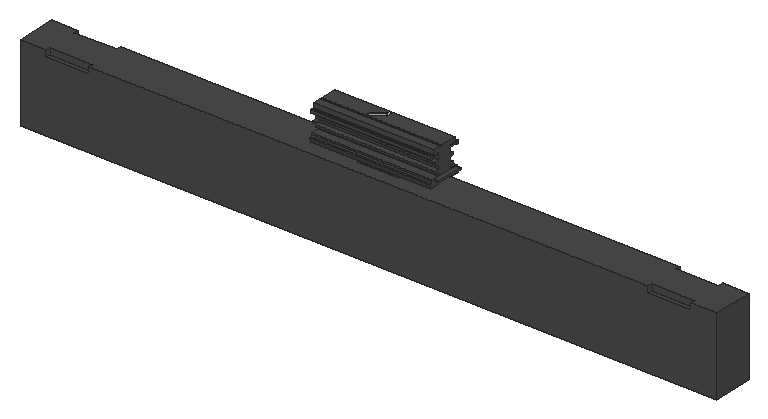
Revit family "DOT SINGLE HEAD RAIL 646_DTM30U6.5.24", category Luminarias, Revit 2019
Family settings
  Cota de conector redondo = Diámetro de uso
  Tipo de pieza = Normal
  Se basa en plano de trabajo = Sí
  Siempre vertical = Sí
  Corte con vacíos al cargar = No
  Origen de luz = Sí
  Compartido = No
  Punto de cálculo de habitación = No
Parameters (values of type "DOT SINGLE HEAD RAIL 646_DTM30U6.5.24")
  Ángulo de inclinación = 60.00°
  Zone [instance] = ""
  Watt per fixture = 30
  Wattage = 30 W
  built-in parameter 1150107 = 2700 (stored number, unit not read)
  built-in parameter 1150110 = 1 (stored number, unit not read)
  built-in parameter 1150109 = 1 (stored number, unit not read)
  built-in parameter 1150112 = 1 (stored number, unit not read)
  built-in parameter 1150113 = 1 (stored number, unit not read)
  built-in parameter 1114218 = 1 (stored number, unit not read)
  Keynote = ""
  built-in parameter 1150137 = (empty or 0)
  built-in parameter 1150132 = (empty or 0)
  Modelo = "DTM30U6.5.24"
  Lámpara = "3030SMD PHILIPS"
  built-in parameter 1150105 = 12002.7 (stored number, unit not read)
  built-in parameter 1150102 = (empty or 0)
  built-in parameter 1150106 = 120.03 (stored number, unit not read)
  Lumens = 2460 lm
  Color Filter = 16777215
  built-in parameter 1114217 = 1 (stored number, unit not read)
  built-in parameter 1150139 = (empty or 0)
  Fabricante = "BRILLANT"
  Default Elevation = 1219.2 mm
  built-in parameter 1150104 = 7.618 (stored number, unit not read)
  Descripción = "LUMINARIA DOWNLIGHT EN FORMATO RECTANGULAR COMPATIBLE CON RIEL DE 6 ENTRADAS Y 3 CIRCUITOS CON CABEZAL PARA PODER DIRIGIR LA LUMINARIA HASTA 30 GRADOS, CUERPO DE ALUMINIO ACABADO EN COLOR NEGRO, IP 20, PESO 1.48Kg, TIPO DE LED 3030SMD PHILIPS CON 30W TOTAL, 2300 LUMENES, 82LM/W, IRC 90, TEMPERATURA EN BLANCO CALIDO 2700K, 50 MIL HORAS DE VIDA PROMEDIO, APERTURA DE 24 GRADOS EN STOCK, ALIMENTADO A 90-240V"
  built-in parameter 1150115 = 1 (stored number, unit not read)
  built-in parameter 1150114 = 1 (stored number, unit not read)
  Comentarios de vataje = "90-240V"
  built-in parameter 1150138 = (empty or 0)
  built-in parameter 1150134 = (empty or 0)
  Circuit [instance] = ""
  Dimming Lamp Color Temperature Shift = (empty or 0)
  Archivo de red fotométrica = "L646A-30W-827-B-24_IESNA95.IES"
  built-in parameter 1150133 = 10 (stored number, unit not read)
Reference planes
  plane 1 "Centro (Frontal/Posterior)": y = 0
  plane 2: z = 0
  plane 3 "Centro (Izquierda/Derecha)": x = 0
Forms (mm)
  Extrusion 1, solid, material "Default Form"
    sketch origin (0, 0, 0) x (1, 0, 0) y (0, 0, 1)
      loop
        line (-323, 0) -> (-323, -72) -> (323, -72) -> (323, 0) -> (-323, 0)
    from -18.326 to 18.326
  Blend 2, void
    base sketch origin (0, 0, 0) x (1, 0, 0) y (0, 1, 0)
      loop
        line (-162, 16.149) -> (-162, -16.149) -> (-144.14, -16.149) -> (-144.14, 16.149) -> (-162, 16.149)
    top sketch origin (0, 0, 0) x (1, 0, 0) y (0, 1, 0)
      loop
        line (-160, 12.149) -> (-160, -12.149) -> (-146.14, -12.149) -> (-146.14, 12.149) -> (-160, 12.149)
    from -72 to -61.591
  Blend 3, void
    base sketch origin (21.86, 0, 0) x (1, 0, 0) y (0, 1, 0)
      loop
        line (-162, 16.149) -> (-162, -16.149) -> (-144.14, -16.149) -> (-144.14, 16.149) -> (-162, 16.149)
    top sketch origin (21.86, 0, 0) x (1, 0, 0) y (0, 1, 0)
      loop
        line (-160, 12.149) -> (-160, -12.149) -> (-146.14, -12.149) -> (-146.14, 12.149) -> (-160, 12.149)
    from -72 to -61.591
  Blend 4, void
    base sketch origin (43.72, 0, 0) x (1, 0, 0) y (0, 1, 0)
      loop
        line (-162, 16.149) -> (-162, -16.149) -> (-144.14, -16.149) -> (-144.14, 16.149) -> (-162, 16.149)
    top sketch origin (43.72, 0, 0) x (1, 0, 0) y (0, 1, 0)
      loop
        line (-160, 12.149) -> (-160, -12.149) -> (-146.14, -12.149) -> (-146.14, 12.149) -> (-160, 12.149)
    from -72 to -61.591
  Blend 5, void
    base sketch origin (65.58, 0, 0) x (1, 0, 0) y (0, 1, 0)
      loop
        line (-162, 16.149) -> (-162, -16.149) -> (-144.14, -16.149) -> (-144.14, 16.149) -> (-162, 16.149)
    top sketch origin (65.58, 0, 0) x (1, 0, 0) y (0, 1, 0)
      loop
        line (-160, 12.149) -> (-160, -12.149) -> (-146.14, -12.149) -> (-146.14, 12.149) -> (-160, 12.149)
    from -72 to -61.591
  Blend 6, void
    base sketch origin (87.44, 0, 0) x (1, 0, 0) y (0, 1, 0)
      loop
        line (-162, 16.149) -> (-162, -16.149) -> (-144.14, -16.149) -> (-144.14, 16.149) -> (-162, 16.149)
    top sketch origin (87.44, 0, 0) x (1, 0, 0) y (0, 1, 0)
      loop
        line (-160, 12.149) -> (-160, -12.149) -> (-146.14, -12.149) -> (-146.14, 12.149) -> (-160, 12.149)
    from -72 to -61.591
  Blend 7, void
    base sketch origin (109.3, 0, 0) x (1, 0, 0) y (0, 1, 0)
      loop
        line (-162, 16.149) -> (-162, -16.149) -> (-144.14, -16.149) -> (-144.14, 16.149) -> (-162, 16.149)
    top sketch origin (109.3, 0, 0) x (1, 0, 0) y (0, 1, 0)
      loop
        line (-160, 12.149) -> (-160, -12.149) -> (-146.14, -12.149) -> (-146.14, 12.149) -> (-160, 12.149)
    from -72 to -61.591
  Blend 8, void
    base sketch origin (131.16, 0, 0) x (1, 0, 0) y (0, 1, 0)
      loop
        line (-162, 16.149) -> (-162, -16.149) -> (-144.14, -16.149) -> (-144.14, 16.149) -> (-162, 16.149)
    top sketch origin (131.16, 0, 0) x (1, 0, 0) y (0, 1, 0)
      loop
        line (-160, 12.149) -> (-160, -12.149) -> (-146.14, -12.149) -> (-146.14, 12.149) -> (-160, 12.149)
    from -72 to -61.591
  Blend 9, void
    base sketch origin (153.02, 0, 0) x (1, 0, 0) y (0, 1, 0)
      loop
        line (-162, 16.149) -> (-162, -16.149) -> (-144.14, -16.149) -> (-144.14, 16.149) -> (-162, 16.149)
    top sketch origin (153.02, 0, 0) x (1, 0, 0) y (0, 1, 0)
      loop
        line (-160, 12.149) -> (-160, -12.149) -> (-146.14, -12.149) -> (-146.14, 12.149) -> (-160, 12.149)
    from -72 to -61.591
  Blend 10, void
    base sketch origin (174.88, 0, 0) x (1, 0, 0) y (0, 1, 0)
      loop
        line (-162, 16.149) -> (-162, -16.149) -> (-144.14, -16.149) -> (-144.14, 16.149) -> (-162, 16.149)
    top sketch origin (174.88, 0, 0) x (1, 0, 0) y (0, 1, 0)
      loop
        line (-160, 12.149) -> (-160, -12.149) -> (-146.14, -12.149) -> (-146.14, 12.149) -> (-160, 12.149)
    from -72 to -61.591
  Blend 11, void
    base sketch origin (196.74, 0, 0) x (1, 0, 0) y (0, 1, 0)
      loop
        line (-162, 16.149) -> (-162, -16.149) -> (-144.14, -16.149) -> (-144.14, 16.149) -> (-162, 16.149)
    top sketch origin (196.74, 0, 0) x (1, 0, 0) y (0, 1, 0)
      loop
        line (-160, 12.149) -> (-160, -12.149) -> (-146.14, -12.149) -> (-146.14, 12.149) -> (-160, 12.149)
    from -72 to -61.591
  Blend 12, void
    base sketch origin (218.6, 0, 0) x (1, 0, 0) y (0, 1, 0)
      loop
        line (-162, 16.149) -> (-162, -16.149) -> (-144.14, -16.149) -> (-144.14, 16.149) -> (-162, 16.149)
    top sketch origin (218.6, 0, 0) x (1, 0, 0) y (0, 1, 0)
      loop
        line (-160, 12.149) -> (-160, -12.149) -> (-146.14, -12.149) -> (-146.14, 12.149) -> (-160, 12.149)
    from -72 to -61.591
  Blend 13, void
    base sketch origin (240.46, 0, 0) x (1, 0, 0) y (0, 1, 0)
      loop
        line (-162, 16.149) -> (-162, -16.149) -> (-144.14, -16.149) -> (-144.14, 16.149) -> (-162, 16.149)
    top sketch origin (240.46, 0, 0) x (1, 0, 0) y (0, 1, 0)
      loop
        line (-160, 12.149) -> (-160, -12.149) -> (-146.14, -12.149) -> (-146.14, 12.149) -> (-160, 12.149)
    from -72 to -61.591
  Blend 14, void
    base sketch origin (262.32, 0, 0) x (1, 0, 0) y (0, 1, 0)
      loop
        line (-162, 16.149) -> (-162, -16.149) -> (-144.14, -16.149) -> (-144.14, 16.149) -> (-162, 16.149)
    top sketch origin (262.32, 0, 0) x (1, 0, 0) y (0, 1, 0)
      loop
        line (-160, 12.149) -> (-160, -12.149) -> (-146.14, -12.149) -> (-146.14, 12.149) -> (-160, 12.149)
    from -72 to -61.591
  Blend 15, void
    base sketch origin (284.18, 0, 0) x (1, 0, 0) y (0, 1, 0)
      loop
        line (-162, 16.149) -> (-162, -16.149) -> (-144.14, -16.149) -> (-144.14, 16.149) -> (-162, 16.149)
    top sketch origin (284.18, 0, 0) x (1, 0, 0) y (0, 1, 0)
      loop
        line (-160, 12.149) -> (-160, -12.149) -> (-146.14, -12.149) -> (-146.14, 12.149) -> (-160, 12.149)
    from -72 to -61.591
  Blend 16, void
    base sketch origin (306.04, 0, 0) x (1, 0, 0) y (0, 1, 0)
      loop
        line (-162, 16.149) -> (-162, -16.149) -> (-144.14, -16.149) -> (-144.14, 16.149) -> (-162, 16.149)
    top sketch origin (306.04, 0, 0) x (1, 0, 0) y (0, 1, 0)
      loop
        line (-160, 12.149) -> (-160, -12.149) -> (-146.14, -12.149) -> (-146.14, 12.149) -> (-160, 12.149)
    from -72 to -61.591
  Extrusion 17, solid, material "Default Form"
    sketch origin (-55.628, 0, 7.5) x (0, 1, 0) y (0, 0, 1)
      loop
        line (-7.273, 1.74) -> (7.273, 1.74) -> (7.273, 0) -> (15.231, 0) -> (17.006, 4.494) -> (15.021, 4.494) -> (14.058, 5.868) -> (14.058, 7.166) -> (6.473, 7.166) -> (6.473, 9.324) -> (10.169, 10.163) -> (10.169, 12.464) -> (6.473, 13.302) -> (6.473, 16.66) -> (10.169, 17.499) -> (10.169, 19.8) -> (6.473, 20.638) -> (6.473, 25.016) -> (13.839, 25.016) -> (14.514, 24.341) -> (15.775, 24.341) -> (15.775, 27.171) -> (14.73, 27.171) -> (14.058, 26.499) -> (6.473, 26.499) -> (6.473, 27.299) -> (12.377, 27.299) -> (12.377, 31.471) -> (-2.744, 31.471) -> (-2.744, 30.671) -> (-5.514, 30.671) -> (-5.514, 31.471) -> (-12.377, 31.471) -> (-12.377, 27.299) -> (-6.473, 27.299) -> (-6.473, 26.499) -> (-14.058, 26.499) -> (-14.73, 27.171) -> (-15.775, 27.171) -> (-15.775, 24.341) -> (-14.514, 24.341) -> (-13.839, 25.016) -> (-6.473, 25.016) -> (-6.473, 20.638) -> (-10.169, 19.8) -> (-10.169, 17.499) -> (-6.473, 16.66) -> (-6.473, 13.302) -> (-10.169, 12.464) -> (-10.169, 10.163) -> (-6.473, 9.324) -> (-6.473, 7.166) -> (-14.058, 7.166) -> (-14.058, 5.868) -> (-15.021, 4.494) -> (-17.006, 4.494) -> (-15.231, 0) -> (-7.273, 0) -> (-7.273, 1.74)
    from 0 to 111.256
  Extrusion 18, solid, material "Default Form"
    sketch origin (0, 0, 0) x (1, 0, 0) y (0, 1, 0)
      loop
        line (-19.12, 6.873) -> (-19.12, -6.873) -> (19.12, -6.873) -> (19.12, 6.873) -> (-19.12, 6.873)
    from 0 to 2.67
  Extrusion 19, solid, material "Default Form"
    sketch origin (0, 0, 0) x (1, 0, 0) y (0, 1, 0)
      loop
        line (-10.93, 3.188) -> (-10.93, -3.188) -> (10.93, -3.188) -> (10.93, 3.188) -> (-10.93, 3.188)
    from 2.67 to 7.5
  Extrusion 20, void
    sketch origin (0, 0, 0) x (1, 0, 0) y (0, 1, 0)
      loop
        line (-259.42, 18.326) -> (-299.14, 18.326) -> (-299.14, 14.276) -> (-259.42, 14.276) -> (-259.42, 18.326)
      loop
        line (-299.14, -18.326) -> (-259.42, -18.326) -> (-259.42, -14.276) -> (-299.14, -14.276) -> (-299.14, -18.326)
      loop
        line (299.14, -18.326) -> (299.14, -14.276) -> (259.42, -14.276) -> (259.42, -18.326) -> (299.14, -18.326)
      loop
        line (299.14, 18.326) -> (259.42, 18.326) -> (259.42, 14.276) -> (299.14, 14.276) -> (299.14, 18.326)
    from -6.015 to 0
  Extrusion 21, solid, material "Acero Inoxidable"
    sketch origin (0, -1.594, 0) x (1, 0, 0) y (0, 0, -1)
      loop
        line (-15, -38.971) -> (3.794, -45.811) -> (4.341, -44.308) -> (3.589, -44.034) -> (3.316, -44.786) -> (-12.661, -38.971) -> (-15, -38.971)
    from 0 to 3.188
  Extrusion 22, solid, material "Default Form"
    sketch origin (0, 0, 0) x (1, 0, 0) y (0, 1, 0)
      loop
        line (-55.628, 6.473) -> (-66.331, 6.473) -> (-66.331, 0) -> (-55.628, 0) -> (-55.628, 6.473)
      loop
        line (55.628, 12.377) -> (55.628, -12.149) -> (60.628, -12.149) -> (60.628, 12.377) -> (55.628, 12.377)
    from 13.368 to 15
  Blend 23, void
    base sketch origin (-87.44, 0, 0) x (1, 0, 0) y (0, 1, 0)
      loop
        line (-162, 16.149) -> (-162, -16.149) -> (-144.14, -16.149) -> (-144.14, 16.149) -> (-162, 16.149)
    top sketch origin (-87.44, 0, 0) x (1, 0, 0) y (0, 1, 0)
      loop
        line (-160, 12.149) -> (-160, -12.149) -> (-146.14, -12.149) -> (-146.14, 12.149) -> (-160, 12.149)
    from -72 to -61.591
  Blend 24, void
    base sketch origin (-65.58, 0, 0) x (1, 0, 0) y (0, 1, 0)
      loop
        line (-162, 16.149) -> (-162, -16.149) -> (-144.14, -16.149) -> (-144.14, 16.149) -> (-162, 16.149)
    top sketch origin (-65.58, 0, 0) x (1, 0, 0) y (0, 1, 0)
      loop
        line (-160, 12.149) -> (-160, -12.149) -> (-146.14, -12.149) -> (-146.14, 12.149) -> (-160, 12.149)
    from -72 to -61.591
  Blend 25, void
    base sketch origin (-43.72, 0, 0) x (1, 0, 0) y (0, 1, 0)
      loop
        line (-162, 16.149) -> (-162, -16.149) -> (-144.14, -16.149) -> (-144.14, 16.149) -> (-162, 16.149)
    top sketch origin (-43.72, 0, 0) x (1, 0, 0) y (0, 1, 0)
      loop
        line (-160, 12.149) -> (-160, -12.149) -> (-146.14, -12.149) -> (-146.14, 12.149) -> (-160, 12.149)
    from -72 to -61.591
  Blend 26, void
    base sketch origin (-21.86, 0, 0) x (1, 0, 0) y (0, 1, 0)
      loop
        line (-162, 16.149) -> (-162, -16.149) -> (-144.14, -16.149) -> (-144.14, 16.149) -> (-162, 16.149)
    top sketch origin (-21.86, 0, 0) x (1, 0, 0) y (0, 1, 0)
      loop
        line (-160, 12.149) -> (-160, -12.149) -> (-146.14, -12.149) -> (-146.14, 12.149) -> (-160, 12.149)
    from -72 to -61.591
  Blend 27, void
    base sketch origin (-109.3, 0, 0) x (1, 0, 0) y (0, 1, 0)
      loop
        line (-162, 16.149) -> (-162, -16.149) -> (-144.14, -16.149) -> (-144.14, 16.149) -> (-162, 16.149)
    top sketch origin (-109.3, 0, 0) x (1, 0, 0) y (0, 1, 0)
      loop
        line (-160, 12.149) -> (-160, -12.149) -> (-146.14, -12.149) -> (-146.14, 12.149) -> (-160, 12.149)
    from -72 to -61.591
  Blend 28, void
    base sketch origin (327.9, 0, 0) x (1, 0, 0) y (0, 1, 0)
      loop
        line (-162, 16.149) -> (-162, -16.149) -> (-144.14, -16.149) -> (-144.14, 16.149) -> (-162, 16.149)
    top sketch origin (327.9, 0, 0) x (1, 0, 0) y (0, 1, 0)
      loop
        line (-160, 12.149) -> (-160, -12.149) -> (-146.14, -12.149) -> (-146.14, 12.149) -> (-160, 12.149)
    from -72 to -61.591
  Blend 29, void
    base sketch origin (349.76, 0, 0) x (1, 0, 0) y (0, 1, 0)
      loop
        line (-162, 16.149) -> (-162, -16.149) -> (-144.14, -16.149) -> (-144.14, 16.149) -> (-162, 16.149)
    top sketch origin (349.76, 0, 0) x (1, 0, 0) y (0, 1, 0)
      loop
        line (-160, 12.149) -> (-160, -12.149) -> (-146.14, -12.149) -> (-146.14, 12.149) -> (-160, 12.149)
    from -72 to -61.591
  Blend 30, void
    base sketch origin (371.62, 0, 0) x (1, 0, 0) y (0, 1, 0)
      loop
        line (-162, 16.149) -> (-162, -16.149) -> (-144.14, -16.149) -> (-144.14, 16.149) -> (-162, 16.149)
    top sketch origin (371.62, 0, 0) x (1, 0, 0) y (0, 1, 0)
      loop
        line (-160, 12.149) -> (-160, -12.149) -> (-146.14, -12.149) -> (-146.14, 12.149) -> (-160, 12.149)
    from -72 to -61.591
  Blend 31, void
    base sketch origin (393.48, 0, 0) x (1, 0, 0) y (0, 1, 0)
      loop
        line (-162, 16.149) -> (-162, -16.149) -> (-144.14, -16.149) -> (-144.14, 16.149) -> (-162, 16.149)
    top sketch origin (393.48, 0, 0) x (1, 0, 0) y (0, 1, 0)
      loop
        line (-160, 12.149) -> (-160, -12.149) -> (-146.14, -12.149) -> (-146.14, 12.149) -> (-160, 12.149)
    from -72 to -61.591
  Blend 32, void
    base sketch origin (415.34, 0, 0) x (1, 0, 0) y (0, 1, 0)
      loop
        line (-162, 16.149) -> (-162, -16.149) -> (-144.14, -16.149) -> (-144.14, 16.149) -> (-162, 16.149)
    top sketch origin (415.34, 0, 0) x (1, 0, 0) y (0, 1, 0)
      loop
        line (-160, 12.149) -> (-160, -12.149) -> (-146.14, -12.149) -> (-146.14, 12.149) -> (-160, 12.149)
    from -72 to -61.591
Cuts and joins
  Blend 2, Blend 3, Blend 4, Blend 5, Blend 6, Blend 7, Blend 8, Blend 9, Blend 10, Blend 11, Blend 12, Blend 13, Blend 14, Blend 15, Blend 16, Extrusion 20, Blend 23, Blend 24, Blend 25, Blend 26, Blend 27, Blend 28, Blend 29, Blend 30, Blend 31, Blend 32 cuts Extrusion 1
Dimensions and locks
  equal spacing: Extrusion 1, plane 1 "Centro (Frontal/Posterior)", Extrusion 1
  Extrusion 1 to plane 1 "Centro (Frontal/Posterior)" = 18.326 mm
  Extrusion 1 to Extrusion 1 = 36.651 mm
  Extrusion 1 to Extrusion 1 = 72 mm
  Extrusion 1 to Extrusion 1 = 646 mm
  cut or joined group 1 (Extrusion 1, Blend 2, Blend 3, Blend 4, Blend 5, Blend 6, Blend 7, Blend 8, Blend 9, Blend 10, Blend 11, Blend 12, Blend 13, Blend 14, Blend 15, Blend 16, Extrusion 20, Blend 23, Blend 24, Blend 25, Blend 26, Blend 27, Blend 28, Blend 29, Blend 30, Blend 31, Blend 32) to cut or joined group 1 = 72 mm
  cut or joined group 1 to cut or joined group 1 = 36.651 mm
  cut or joined group 1 to cut or joined group 1 = 646 mm
  equal spacing: cut or joined group 1, plane 1 "Centro (Frontal/Posterior)", cut or joined group 1
  cut or joined group 1 to cut or joined group 1 = 23.86 mm  (x2)
  aligned and locked: level to plane 2
  aligned and locked: Extrusion 19 to Extrusion 17
  aligned and locked: Extrusion 19 to Extrusion 18
Automatic sketch dimensions
  Extrusion 1 sketch curve to level = 0 mm
  Extrusion 1 sketch curve to level = 72 mm
  Extrusion 1 sketch curve to plane 3 "Centro (Izquierda/Derecha)" = 323 mm
  plane 3 "Centro (Izquierda/Derecha)" to Extrusion 1 sketch curve = 323 mm
  Blend 2 sketch curve to plane 1 "Centro (Frontal/Posterior)" = 16.149 mm
  Blend 2 sketch curve to plane 3 "Centro (Izquierda/Derecha)" = 162 mm
  Blend 2 sketch curve to Blend 2 sketch curve = 17.86 mm
  plane 1 "Centro (Frontal/Posterior)" to Blend 2 sketch curve = 16.149 mm
  Blend 2 sketch curve to plane 1 "Centro (Frontal/Posterior)" = 12.149 mm
  Blend 2 sketch curve to plane 3 "Centro (Izquierda/Derecha)" = 160 mm
  Blend 2 sketch curve to Blend 2 sketch curve = 13.86 mm
  plane 1 "Centro (Frontal/Posterior)" to Blend 2 sketch curve = 12.149 mm
  Blend 3 sketch curve to plane 1 "Centro (Frontal/Posterior)" = 16.149 mm
  Blend 3 sketch curve to plane 3 "Centro (Izquierda/Derecha)" = 140.14 mm
  Blend 3 sketch curve to Blend 3 sketch curve = 17.86 mm
  plane 1 "Centro (Frontal/Posterior)" to Blend 3 sketch curve = 16.149 mm
  Blend 3 sketch curve to plane 1 "Centro (Frontal/Posterior)" = 12.149 mm
  Blend 3 sketch curve to plane 3 "Centro (Izquierda/Derecha)" = 138.14 mm
  Blend 3 sketch curve to Blend 3 sketch curve = 13.86 mm
  plane 1 "Centro (Frontal/Posterior)" to Blend 3 sketch curve = 12.149 mm
  Blend 4 sketch curve to plane 1 "Centro (Frontal/Posterior)" = 16.149 mm
  Blend 4 sketch curve to plane 3 "Centro (Izquierda/Derecha)" = 118.28 mm
  Blend 4 sketch curve to Blend 4 sketch curve = 17.86 mm
  plane 1 "Centro (Frontal/Posterior)" to Blend 4 sketch curve = 16.149 mm
  Blend 4 sketch curve to plane 1 "Centro (Frontal/Posterior)" = 12.149 mm
  Blend 4 sketch curve to plane 3 "Centro (Izquierda/Derecha)" = 116.28 mm
  Blend 4 sketch curve to Blend 4 sketch curve = 13.86 mm
  plane 1 "Centro (Frontal/Posterior)" to Blend 4 sketch curve = 12.149 mm
  Blend 5 sketch curve to plane 1 "Centro (Frontal/Posterior)" = 16.149 mm
  Blend 5 sketch curve to plane 3 "Centro (Izquierda/Derecha)" = 96.42 mm
  Blend 5 sketch curve to Blend 5 sketch curve = 17.86 mm
  plane 1 "Centro (Frontal/Posterior)" to Blend 5 sketch curve = 16.149 mm
  Blend 5 sketch curve to plane 1 "Centro (Frontal/Posterior)" = 12.149 mm
  Blend 5 sketch curve to plane 3 "Centro (Izquierda/Derecha)" = 94.42 mm
  Blend 5 sketch curve to Blend 5 sketch curve = 13.86 mm
  plane 1 "Centro (Frontal/Posterior)" to Blend 5 sketch curve = 12.149 mm
  Blend 6 sketch curve to plane 1 "Centro (Frontal/Posterior)" = 16.149 mm
  Blend 6 sketch curve to plane 3 "Centro (Izquierda/Derecha)" = 74.56 mm
  Blend 6 sketch curve to Blend 6 sketch curve = 17.86 mm
  plane 1 "Centro (Frontal/Posterior)" to Blend 6 sketch curve = 16.149 mm
  Blend 6 sketch curve to plane 1 "Centro (Frontal/Posterior)" = 12.149 mm
  Blend 6 sketch curve to plane 3 "Centro (Izquierda/Derecha)" = 72.56 mm
  Blend 6 sketch curve to Blend 6 sketch curve = 13.86 mm
  plane 1 "Centro (Frontal/Posterior)" to Blend 6 sketch curve = 12.149 mm
  Blend 7 sketch curve to plane 1 "Centro (Frontal/Posterior)" = 16.149 mm
  Blend 7 sketch curve to plane 3 "Centro (Izquierda/Derecha)" = 52.7 mm
  Blend 7 sketch curve to Blend 7 sketch curve = 17.86 mm
  plane 1 "Centro (Frontal/Posterior)" to Blend 7 sketch curve = 16.149 mm
  Blend 7 sketch curve to plane 1 "Centro (Frontal/Posterior)" = 12.149 mm
  Blend 7 sketch curve to plane 3 "Centro (Izquierda/Derecha)" = 50.7 mm
  Blend 7 sketch curve to Blend 7 sketch curve = 13.86 mm
  plane 1 "Centro (Frontal/Posterior)" to Blend 7 sketch curve = 12.149 mm
  Blend 8 sketch curve to plane 3 "Centro (Izquierda/Derecha)" = 30.84 mm
  Blend 8 sketch curve to plane 3 "Centro (Izquierda/Derecha)" = 12.98 mm
  plane 1 "Centro (Frontal/Posterior)" to Blend 8 sketch curve = 16.149 mm
  Blend 8 sketch curve to plane 1 "Centro (Frontal/Posterior)" = 16.149 mm
  Blend 8 sketch curve to plane 1 "Centro (Frontal/Posterior)" = 12.149 mm
  Blend 8 sketch curve to plane 3 "Centro (Izquierda/Derecha)" = 28.84 mm
  Blend 8 sketch curve to Blend 8 sketch curve = 13.86 mm
  plane 1 "Centro (Frontal/Posterior)" to Blend 8 sketch curve = 12.149 mm
  Blend 9 sketch curve to plane 3 "Centro (Izquierda/Derecha)" = 8.98 mm
  plane 3 "Centro (Izquierda/Derecha)" to Blend 9 sketch curve = 8.88 mm
  plane 1 "Centro (Frontal/Posterior)" to Blend 9 sketch curve = 16.149 mm
  Blend 9 sketch curve to plane 1 "Centro (Frontal/Posterior)" = 16.149 mm
  Blend 9 sketch curve to plane 3 "Centro (Izquierda/Derecha)" = 6.98 mm
  plane 3 "Centro (Izquierda/Derecha)" to Blend 9 sketch curve = 6.88 mm
  plane 1 "Centro (Frontal/Posterior)" to Blend 9 sketch curve = 12.149 mm
  Blend 9 sketch curve to plane 1 "Centro (Frontal/Posterior)" = 12.149 mm
  plane 3 "Centro (Izquierda/Derecha)" to Blend 10 sketch curve = 12.88 mm
  Blend 10 sketch curve to Blend 10 sketch curve = 17.86 mm
  plane 1 "Centro (Frontal/Posterior)" to Blend 10 sketch curve = 16.149 mm
  Blend 10 sketch curve to plane 1 "Centro (Frontal/Posterior)" = 16.149 mm
  plane 3 "Centro (Izquierda/Derecha)" to Blend 10 sketch curve = 14.88 mm
  Blend 10 sketch curve to Blend 10 sketch curve = 13.86 mm
  plane 1 "Centro (Frontal/Posterior)" to Blend 10 sketch curve = 12.149 mm
  Blend 10 sketch curve to plane 1 "Centro (Frontal/Posterior)" = 12.149 mm
  Blend 11 sketch curve to plane 1 "Centro (Frontal/Posterior)" = 16.149 mm
  plane 3 "Centro (Izquierda/Derecha)" to Blend 11 sketch curve = 34.74 mm
  Blend 11 sketch curve to Blend 11 sketch curve = 17.86 mm
  plane 1 "Centro (Frontal/Posterior)" to Blend 11 sketch curve = 16.149 mm
  Blend 11 sketch curve to plane 1 "Centro (Frontal/Posterior)" = 12.149 mm
  plane 3 "Centro (Izquierda/Derecha)" to Blend 11 sketch curve = 36.74 mm
  Blend 11 sketch curve to Blend 11 sketch curve = 13.86 mm
  plane 1 "Centro (Frontal/Posterior)" to Blend 11 sketch curve = 12.149 mm
  Blend 12 sketch curve to plane 1 "Centro (Frontal/Posterior)" = 16.149 mm
  plane 3 "Centro (Izquierda/Derecha)" to Blend 12 sketch curve = 56.6 mm
  Blend 12 sketch curve to Blend 12 sketch curve = 17.86 mm
  plane 1 "Centro (Frontal/Posterior)" to Blend 12 sketch curve = 16.149 mm
  Blend 12 sketch curve to plane 1 "Centro (Frontal/Posterior)" = 12.149 mm
  plane 3 "Centro (Izquierda/Derecha)" to Blend 12 sketch curve = 58.6 mm
  Blend 12 sketch curve to Blend 12 sketch curve = 13.86 mm
  plane 1 "Centro (Frontal/Posterior)" to Blend 12 sketch curve = 12.149 mm
  Blend 13 sketch curve to plane 1 "Centro (Frontal/Posterior)" = 16.149 mm
  plane 3 "Centro (Izquierda/Derecha)" to Blend 13 sketch curve = 78.46 mm
  Blend 13 sketch curve to Blend 13 sketch curve = 17.86 mm
  plane 1 "Centro (Frontal/Posterior)" to Blend 13 sketch curve = 16.149 mm
  Blend 13 sketch curve to plane 1 "Centro (Frontal/Posterior)" = 12.149 mm
  plane 3 "Centro (Izquierda/Derecha)" to Blend 13 sketch curve = 80.46 mm
  Blend 13 sketch curve to Blend 13 sketch curve = 13.86 mm
  plane 1 "Centro (Frontal/Posterior)" to Blend 13 sketch curve = 12.149 mm
  Blend 14 sketch curve to plane 1 "Centro (Frontal/Posterior)" = 16.149 mm
  plane 3 "Centro (Izquierda/Derecha)" to Blend 14 sketch curve = 100.32 mm
  Blend 14 sketch curve to Blend 14 sketch curve = 17.86 mm
  plane 1 "Centro (Frontal/Posterior)" to Blend 14 sketch curve = 16.149 mm
  Blend 14 sketch curve to plane 1 "Centro (Frontal/Posterior)" = 12.149 mm
  plane 3 "Centro (Izquierda/Derecha)" to Blend 14 sketch curve = 102.32 mm
  Blend 14 sketch curve to Blend 14 sketch curve = 13.86 mm
  plane 1 "Centro (Frontal/Posterior)" to Blend 14 sketch curve = 12.149 mm
  Blend 15 sketch curve to plane 1 "Centro (Frontal/Posterior)" = 16.149 mm
  plane 3 "Centro (Izquierda/Derecha)" to Blend 15 sketch curve = 122.18 mm
  Blend 15 sketch curve to Blend 15 sketch curve = 17.86 mm
  plane 1 "Centro (Frontal/Posterior)" to Blend 15 sketch curve = 16.149 mm
  Blend 15 sketch curve to plane 1 "Centro (Frontal/Posterior)" = 12.149 mm
  plane 3 "Centro (Izquierda/Derecha)" to Blend 15 sketch curve = 124.18 mm
  Blend 15 sketch curve to Blend 15 sketch curve = 13.86 mm
  plane 1 "Centro (Frontal/Posterior)" to Blend 15 sketch curve = 12.149 mm
  Blend 16 sketch curve to plane 1 "Centro (Frontal/Posterior)" = 16.149 mm
  plane 3 "Centro (Izquierda/Derecha)" to Blend 16 sketch curve = 144.04 mm
  Blend 16 sketch curve to Blend 16 sketch curve = 17.86 mm
  plane 1 "Centro (Frontal/Posterior)" to Blend 16 sketch curve = 16.149 mm
  Blend 16 sketch curve to plane 1 "Centro (Frontal/Posterior)" = 12.149 mm
  plane 3 "Centro (Izquierda/Derecha)" to Blend 16 sketch curve = 146.04 mm
  Blend 16 sketch curve to Blend 16 sketch curve = 13.86 mm
  plane 1 "Centro (Frontal/Posterior)" to Blend 16 sketch curve = 12.149 mm
  plane 1 "Centro (Frontal/Posterior)" to Extrusion 17 sketch curve = 17.006 mm
  plane 1 "Centro (Frontal/Posterior)" to Extrusion 17 sketch curve = 15.775 mm
  level to Extrusion 17 sketch curve = 7.5 mm  (x2)
  Extrusion 17 sketch curve to Extrusion 17 sketch curve = 1.775 mm
  Extrusion 17 sketch curve to Extrusion 17 sketch curve = 1.985 mm  (x2)
  Extrusion 17 sketch curve to Extrusion 17 sketch curve = 1.045 mm
  Extrusion 17 sketch curve to Extrusion 17 sketch curve = 1.261 mm  (x2)
  Extrusion 17 sketch curve to Extrusion 17 sketch curve = 0.963 mm  (x2)
  Extrusion 17 sketch curve to Extrusion 17 sketch curve = 0.672 mm  (x4)
  Extrusion 17 sketch curve to Extrusion 17 sketch curve = 0.675 mm  (x3)
  Extrusion 17 sketch curve to Extrusion 17 sketch curve = 2.354 mm
  Extrusion 17 sketch curve to Extrusion 17 sketch curve = 4.345 mm
  Extrusion 17 sketch curve to Extrusion 17 sketch curve = 3.89 mm  (x2)
  plane 1 "Centro (Frontal/Posterior)" to Extrusion 17 sketch curve = 7.273 mm
  Extrusion 17 sketch curve to Extrusion 17 sketch curve = 3.696 mm  (x4)
  Extrusion 17 sketch curve to Extrusion 17 sketch curve = 5.904 mm  (x2)
  Extrusion 17 sketch curve to Extrusion 17 sketch curve = 0 mm  (x3)
  Extrusion 17 sketch curve to Extrusion 17 sketch curve = 0.959 mm
  plane 1 "Centro (Frontal/Posterior)" to Extrusion 17 sketch curve = 2.744 mm
  Extrusion 17 sketch curve to plane 1 "Centro (Frontal/Posterior)" = 6.473 mm  (x2)
  Extrusion 17 sketch curve to Extrusion 17 sketch curve = 0.8 mm  (x3)
  Extrusion 17 sketch curve to Extrusion 17 sketch curve = 1.462 mm
  Extrusion 17 sketch curve to Extrusion 17 sketch curve = 0.22 mm
  Extrusion 17 sketch curve to Extrusion 17 sketch curve = 0.21 mm
  Extrusion 17 sketch curve to Extrusion 17 sketch curve = 1.74 mm
  Extrusion 17 sketch curve to Extrusion 17 sketch curve = 4.494 mm  (x2)
  Extrusion 17 sketch curve to Extrusion 17 sketch curve = 1.375 mm  (x2)
  Extrusion 17 sketch curve to Extrusion 17 sketch curve = 5.426 mm  (x2)
  Extrusion 17 sketch curve to Extrusion 17 sketch curve = 2.158 mm  (x2)
  Extrusion 17 sketch curve to Extrusion 17 sketch curve = 0.839 mm  (x8)
  Extrusion 17 sketch curve to Extrusion 17 sketch curve = 2.301 mm  (x4)
  Extrusion 17 sketch curve to Extrusion 17 sketch curve = 3.358 mm  (x2)
  Extrusion 17 sketch curve to Extrusion 17 sketch curve = 4.541 mm  (x2)
  Extrusion 17 sketch curve to Extrusion 17 sketch curve = 4.378 mm
  Extrusion 17 sketch curve to Extrusion 17 sketch curve = 1.483 mm  (x2)
  Extrusion 17 sketch curve to Extrusion 17 sketch curve = 3.372 mm
  Extrusion 17 sketch curve to Extrusion 17 sketch curve = 4.172 mm  (x2)
  plane 1 "Centro (Frontal/Posterior)" to Extrusion 18 sketch curve = 6.873 mm
  Extrusion 18 sketch curve to plane 3 "Centro (Izquierda/Derecha)" = 19.12 mm
  plane 3 "Centro (Izquierda/Derecha)" to Extrusion 18 sketch curve = 19.12 mm
  Extrusion 18 sketch curve to plane 1 "Centro (Frontal/Posterior)" = 6.873 mm
  plane 1 "Centro (Frontal/Posterior)" to Extrusion 19 sketch curve = 3.188 mm
  Extrusion 19 sketch curve to plane 3 "Centro (Izquierda/Derecha)" = 10.93 mm
  plane 3 "Centro (Izquierda/Derecha)" to Extrusion 19 sketch curve = 10.93 mm
  Extrusion 19 sketch curve to plane 1 "Centro (Frontal/Posterior)" = 3.188 mm
  plane 1 "Centro (Frontal/Posterior)" to Extrusion 20 sketch curve = 18.326 mm
  Extrusion 20 sketch curve to plane 3 "Centro (Izquierda/Derecha)" = 299.14 mm
  Extrusion 20 sketch curve to Extrusion 20 sketch curve = 0 mm  (x4)
  Extrusion 20 sketch curve to Extrusion 20 sketch curve = 39.72 mm  (x2)
  plane 1 "Centro (Frontal/Posterior)" to Extrusion 20 sketch curve = 14.276 mm
  plane 3 "Centro (Izquierda/Derecha)" to Extrusion 20 sketch curve = 259.42 mm
  Extrusion 20 sketch curve to plane 1 "Centro (Frontal/Posterior)" = 18.326 mm
  Extrusion 20 sketch curve to Extrusion 20 sketch curve = 4.049 mm  (x4)
  Extrusion 20 sketch curve to plane 1 "Centro (Frontal/Posterior)" = 14.276 mm
  Extrusion 21 sketch curve to plane 3 "Centro (Izquierda/Derecha)" = 15 mm
  Extrusion 21 sketch curve to Extrusion 21 sketch curve = 2.339 mm
  plane 3 "Centro (Izquierda/Derecha)" to Extrusion 21 sketch curve = 3.316 mm
  Extrusion 21 sketch curve to Extrusion 21 sketch curve = 0.274 mm
  Extrusion 21 sketch curve to Extrusion 21 sketch curve = 0.478 mm
  Extrusion 21 sketch curve to Extrusion 21 sketch curve = 0.752 mm
  level to Extrusion 21 sketch curve = 45.811 mm
  plane 1 "Centro (Frontal/Posterior)" to Extrusion 22 sketch curve = 0 mm
  Extrusion 22 sketch curve to plane 1 "Centro (Frontal/Posterior)" = 6.473 mm
  Extrusion 22 sketch curve to plane 3 "Centro (Izquierda/Derecha)" = 66.331 mm
  Extrusion 22 sketch curve to Extrusion 22 sketch curve = 10.703 mm
  Extrusion 22 sketch curve to plane 1 "Centro (Frontal/Posterior)" = 12.377 mm
  plane 3 "Centro (Izquierda/Derecha)" to Extrusion 22 sketch curve = 55.628 mm
  Extrusion 22 sketch curve to Extrusion 22 sketch curve = 5 mm
  plane 1 "Centro (Frontal/Posterior)" to Extrusion 22 sketch curve = 12.149 mm
  Blend 23 sketch curve to plane 1 "Centro (Frontal/Posterior)" = 16.149 mm
  Blend 23 sketch curve to plane 3 "Centro (Izquierda/Derecha)" = 249.44 mm
  Blend 23 sketch curve to Blend 23 sketch curve = 17.86 mm
  plane 1 "Centro (Frontal/Posterior)" to Blend 23 sketch curve = 16.149 mm
  Blend 23 sketch curve to plane 1 "Centro (Frontal/Posterior)" = 12.149 mm
  Blend 23 sketch curve to plane 3 "Centro (Izquierda/Derecha)" = 247.44 mm
  Blend 23 sketch curve to Blend 23 sketch curve = 13.86 mm
  plane 1 "Centro (Frontal/Posterior)" to Blend 23 sketch curve = 12.149 mm
  Blend 24 sketch curve to plane 1 "Centro (Frontal/Posterior)" = 16.149 mm
  Blend 24 sketch curve to plane 3 "Centro (Izquierda/Derecha)" = 227.58 mm
  Blend 24 sketch curve to Blend 24 sketch curve = 17.86 mm
  plane 1 "Centro (Frontal/Posterior)" to Blend 24 sketch curve = 16.149 mm
  Blend 24 sketch curve to plane 1 "Centro (Frontal/Posterior)" = 12.149 mm
  Blend 24 sketch curve to plane 3 "Centro (Izquierda/Derecha)" = 225.58 mm
  Blend 24 sketch curve to Blend 24 sketch curve = 13.86 mm
  plane 1 "Centro (Frontal/Posterior)" to Blend 24 sketch curve = 12.149 mm
  Blend 25 sketch curve to plane 1 "Centro (Frontal/Posterior)" = 16.149 mm
  Blend 25 sketch curve to plane 3 "Centro (Izquierda/Derecha)" = 205.72 mm
  Blend 25 sketch curve to Blend 25 sketch curve = 17.86 mm
  plane 1 "Centro (Frontal/Posterior)" to Blend 25 sketch curve = 16.149 mm
  Blend 25 sketch curve to plane 1 "Centro (Frontal/Posterior)" = 12.149 mm
  Blend 25 sketch curve to plane 3 "Centro (Izquierda/Derecha)" = 203.72 mm
  Blend 25 sketch curve to Blend 25 sketch curve = 13.86 mm
  plane 1 "Centro (Frontal/Posterior)" to Blend 25 sketch curve = 12.149 mm
  Blend 26 sketch curve to plane 1 "Centro (Frontal/Posterior)" = 16.149 mm
  Blend 26 sketch curve to plane 3 "Centro (Izquierda/Derecha)" = 183.86 mm
  Blend 26 sketch curve to Blend 26 sketch curve = 17.86 mm
  plane 1 "Centro (Frontal/Posterior)" to Blend 26 sketch curve = 16.149 mm
  Blend 26 sketch curve to plane 1 "Centro (Frontal/Posterior)" = 12.149 mm
  Blend 26 sketch curve to plane 3 "Centro (Izquierda/Derecha)" = 181.86 mm
  Blend 26 sketch curve to Blend 26 sketch curve = 13.86 mm
  plane 1 "Centro (Frontal/Posterior)" to Blend 26 sketch curve = 12.149 mm
  Blend 27 sketch curve to plane 1 "Centro (Frontal/Posterior)" = 16.149 mm
  Blend 27 sketch curve to plane 3 "Centro (Izquierda/Derecha)" = 271.3 mm
  Blend 27 sketch curve to Blend 27 sketch curve = 17.86 mm
  plane 1 "Centro (Frontal/Posterior)" to Blend 27 sketch curve = 16.149 mm
  Blend 27 sketch curve to plane 1 "Centro (Frontal/Posterior)" = 12.149 mm
  Blend 27 sketch curve to plane 3 "Centro (Izquierda/Derecha)" = 269.3 mm
  Blend 27 sketch curve to Blend 27 sketch curve = 13.86 mm
  plane 1 "Centro (Frontal/Posterior)" to Blend 27 sketch curve = 12.149 mm
  Blend 28 sketch curve to plane 1 "Centro (Frontal/Posterior)" = 16.149 mm
  plane 3 "Centro (Izquierda/Derecha)" to Blend 28 sketch curve = 165.9 mm
  Blend 28 sketch curve to Blend 28 sketch curve = 17.86 mm
  plane 1 "Centro (Frontal/Posterior)" to Blend 28 sketch curve = 16.149 mm
  Blend 28 sketch curve to plane 1 "Centro (Frontal/Posterior)" = 12.149 mm
  plane 3 "Centro (Izquierda/Derecha)" to Blend 28 sketch curve = 167.9 mm
  Blend 28 sketch curve to Blend 28 sketch curve = 13.86 mm
  plane 1 "Centro (Frontal/Posterior)" to Blend 28 sketch curve = 12.149 mm
  Blend 29 sketch curve to plane 1 "Centro (Frontal/Posterior)" = 16.149 mm
  plane 3 "Centro (Izquierda/Derecha)" to Blend 29 sketch curve = 187.76 mm
  Blend 29 sketch curve to Blend 29 sketch curve = 17.86 mm
  plane 1 "Centro (Frontal/Posterior)" to Blend 29 sketch curve = 16.149 mm
  Blend 29 sketch curve to plane 1 "Centro (Frontal/Posterior)" = 12.149 mm
  plane 3 "Centro (Izquierda/Derecha)" to Blend 29 sketch curve = 189.76 mm
  Blend 29 sketch curve to Blend 29 sketch curve = 13.86 mm
  plane 1 "Centro (Frontal/Posterior)" to Blend 29 sketch curve = 12.149 mm
  Blend 30 sketch curve to plane 1 "Centro (Frontal/Posterior)" = 16.149 mm
  plane 3 "Centro (Izquierda/Derecha)" to Blend 30 sketch curve = 209.62 mm
  Blend 30 sketch curve to Blend 30 sketch curve = 17.86 mm
  plane 1 "Centro (Frontal/Posterior)" to Blend 30 sketch curve = 16.149 mm
  Blend 30 sketch curve to plane 1 "Centro (Frontal/Posterior)" = 12.149 mm
  plane 3 "Centro (Izquierda/Derecha)" to Blend 30 sketch curve = 211.62 mm
  Blend 30 sketch curve to Blend 30 sketch curve = 13.86 mm
  plane 1 "Centro (Frontal/Posterior)" to Blend 30 sketch curve = 12.149 mm
  Blend 31 sketch curve to plane 1 "Centro (Frontal/Posterior)" = 16.149 mm
  plane 3 "Centro (Izquierda/Derecha)" to Blend 31 sketch curve = 231.48 mm
  Blend 31 sketch curve to Blend 31 sketch curve = 17.86 mm
  plane 1 "Centro (Frontal/Posterior)" to Blend 31 sketch curve = 16.149 mm
  Blend 31 sketch curve to plane 1 "Centro (Frontal/Posterior)" = 12.149 mm
  plane 3 "Centro (Izquierda/Derecha)" to Blend 31 sketch curve = 233.48 mm
  Blend 31 sketch curve to Blend 31 sketch curve = 13.86 mm
  plane 1 "Centro (Frontal/Posterior)" to Blend 31 sketch curve = 12.149 mm
  Blend 32 sketch curve to plane 1 "Centro (Frontal/Posterior)" = 16.149 mm
  plane 3 "Centro (Izquierda/Derecha)" to Blend 32 sketch curve = 253.34 mm
  Blend 32 sketch curve to Blend 32 sketch curve = 17.86 mm
  plane 1 "Centro (Frontal/Posterior)" to Blend 32 sketch curve = 16.149 mm
  Blend 32 sketch curve to plane 1 "Centro (Frontal/Posterior)" = 12.149 mm
  plane 3 "Centro (Izquierda/Derecha)" to Blend 32 sketch curve = 255.34 mm
  Blend 32 sketch curve to Blend 32 sketch curve = 13.86 mm
  plane 1 "Centro (Frontal/Posterior)" to Blend 32 sketch curve = 12.149 mm
Connectors
  electrical at (0, 0, 0)
    settings: on cut or joined group 1, index 1, voltage 240 V, apparent load 0 VA, apparent load phase1 0 VA, apparent load phase2 0 VA, apparent load phase3 0 VA, power factor 1, load classification "Otro", number of poles 1, system type 31, power factor state 1, is connector primary yes, connector utility no, sub classification motor no, connector description ""
